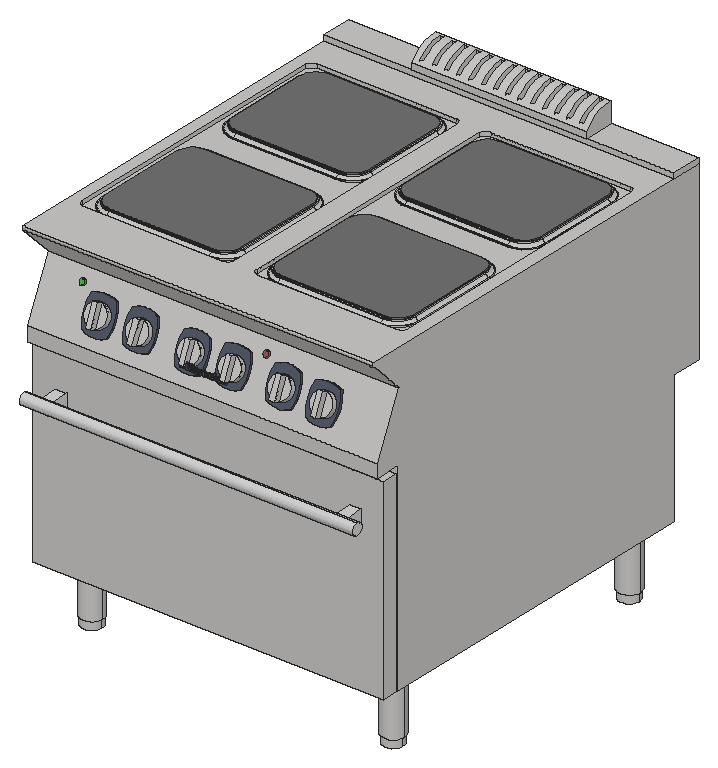
Revit family "QF_ELECTROLUXPROFESSIONAL_391184_E9ECMH4QE5", category Specialty Equipment, Revit 2018 (continued)
Automatic sketch dimensions
  plane 1 "BACK" to curve 93 = 6.761 mm
  curve 88 to curve 88 = 55.162 mm
  curve 84 to curve 87 = 0 mm
  curve 86 to curve 90 = 0 mm
  curve 80 to curve 83 = 0 mm
  curve 90 to curve 94 = 0 mm
  curve 76 to curve 79 = 0 mm
  curve 94 to curve 98 = 0 mm
  curve 72 to curve 75 = 0 mm
  curve 98 to curve 102 = 0 mm
  curve 68 to curve 68 = 55.162 mm
  curve 102 to curve 106 = 0 mm
  curve 64 to curve 71 = 0 mm
  curve 106 to curve 110 = 0 mm
  curve 110 to curve 116 = 0 mm
  curve 66 to curve 118 = 7.927 mm
  curve 13 to curve 21 = 0 mm  (x2)
  curve 13 to curve 29 = 0 mm  (x2)
  curve 13 to curve 37 = 0 mm  (x2)
  curve 15 to curve 23 = 0 mm  (x2)
  curve 15 to curve 35 = 0 mm  (x2)
  curve 17 to curve 25 = 0 mm  (x2)
  curve 17 to curve 33 = 0 mm
  curve 19 to curve 27 = 0 mm
  curve 19 to curve 31 = 0 mm  (x2)
  curve 19 to curve 43 = 0 mm  (x2)
  curve 33 to curve 41 = 0 mm  (x2)
  curve 35 to curve 39 = 0 mm
  curve 45 to curve 53 = 0 mm
  curve 45 to curve 162 = 0 mm
  curve 47 to curve 55 = 0 mm  (x2)
  curve 47 to curve 158 = 0 mm  (x2)
  curve 47 to curve 164 = 0 mm  (x2)
  curve 49 to curve 57 = 0 mm  (x2)
  curve 49 to curve 156 = 0 mm  (x2)
  curve 49 to curve 166 = 0 mm  (x2)
  curve 51 to curve 59 = 0 mm  (x2)
  curve 59 to curve 154 = 0 mm
  curve 59 to curve 168 = 0 mm
  curve 121 to curve 129 = 0 mm  (x2)
  curve 121 to curve 137 = 0 mm  (x2)
  curve 123 to curve 131 = 0 mm  (x2)
  curve 125 to curve 133 = 0 mm  (x2)
  curve 127 to curve 135 = 0 mm
  curve 131 to curve 143 = 0 mm  (x2)
  curve 133 to curve 141 = 0 mm
  curve 135 to curve 151 = 0 mm  (x2)
  curve 137 to curve 145 = 0 mm
  curve 139 to curve 151 = 0 mm  (x2)
  curve 141 to curve 149 = 0 mm  (x2)
  curve 143 to curve 147 = 0 mm  (x2)
  curve 154 to curve 168 = 0 mm
  curve 160 to curve 162 = 0 mm  (x2)
  curve 169 to curve 184 = 0 mm  (x2)
  curve 171 to curve 198 = 0 mm  (x2)
  curve 173 to curve 189 = 0 mm
  curve 173 to curve 196 = 0 mm  (x2)
  curve 175 to curve 182 = 0 mm
  curve 175 to curve 194 = 0 mm
  curve 178 to curve 187 = 0 mm
  curve 178 to curve 198 = 0 mm  (x2)
  curve 180 to curve 196 = 0 mm  (x2)
  curve 182 to curve 194 = 0 mm
  curve 184 to curve 199 = 0 mm
  curve 185 to curve 199 = 0 mm  (x2)
  curve 187 to curve 198 = 0 mm
  curve 189 to curve 196 = 0 mm
  curve 191 to curve 194 = 0 mm
  plane 5 "FRONT" to curve 218 = 0 mm
  plane 1 "BACK" to curve 120 = 0 mm
  curve 223 to plane 3 "LEFT" = 0 mm
  curve 212 to plane 4 "RIGHT" = 19.875 mm
  curve 207 to plane 10 = 8.115 mm
  curve 207 to plane 4 "RIGHT" = 27.5 mm
  plane 16 to curve 190 = 17.339 mm
  plane 16 to curve 146 = 17.339 mm
  curve 191 to curve 195 = 1.714 mm
  curve 145 to curve 144 = 1.714 mm
  plane 10 to curve 200 = 6.885 mm
  plane 16 to curve 205 = 13.5 mm
  curve 137 to curve 130 = 6.35 mm
  curve 194 to curve 182 = 6.35 mm
  curve 180 to curve 173 = 3 mm
  curve 129 to curve 121 = 3 mm
  plane 16 to curve 218 = 5.2 mm
  plane 5 "FRONT" to curve 221 = 7.049 mm
  curve 221 to plane 16 = 20.2 mm
  curve 147 to plane 16 = 30.725 mm
  curve 173 to plane 16 = 30.725 mm
  curve 145 to plane 16 = 30.725 mm
  curve 175 to plane 16 = 30.725 mm
  plane 12 to curve 120 = 58.15 mm
  curve 145 to curve 120 = 113.275 mm
  curve 179 to plane 10 = 10 mm
  plane 7 "Center Y" to curve 179 = 78.275 mm
  plane 14 to curve 185 = 32 mm
  plane 7 "Center Y" to curve 185 = 78.275 mm
  curve 135 to plane 12 = 32.419 mm
  plane 7 "Center Y" to curve 135 = 78.275 mm
  plane 8 "Center X" to curve 133 = 35.581 mm
  curve 133 to curve 192 = 0 mm
  curve 127 to curve 126 = 37 mm
  curve 171 to curve 171 = 37 mm
  curve 187 to curve 201 = 38.026 mm
  curve 203 to plane 12 = 30.534 mm
  curve 135 to curve 203 = 38.026 mm
  curve 203 to curve 203 = 15 mm
  curve 11 to plane 10 = 8.115 mm
  curve 11 to plane 7 "Center Y" = 25.249 mm
  curve 10 to plane 7 "Center Y" = 25.249 mm
  curve 167 to plane 7 "Center Y" = 30.211 mm
  curve 41 to plane 7 "Center Y" = 30.211 mm
  curve 167 to curve 155 = 1.714 mm
  curve 42 to curve 31 = 1.714 mm
  curve 154 to curve 51 = 6.35 mm
  curve 32 to curve 26 = 6.35 mm
  curve 11 to curve 11 = 15 mm
  curve 10 to plane 12 = 15.534 mm
  curve 10 to curve 10 = 15 mm
  curve 50 to curve 57 = 3 mm
  curve 25 to curve 17 = 3 mm
  curve 157 to plane 10 = 3.65 mm
  curve 11 to curve 157 = 38.026 mm
  curve 161 to plane 8 "Center X" = 37.936 mm
  curve 58 to curve 161 = 37 mm
  curve 10 to curve 30 = 38.026 mm
  plane 8 "Center X" to curve 16 = 38.581 mm
  curve 18 to curve 16 = 37 mm
  curve 119 to plane 15 = 144 mm
  curve 20 to plane 15 = 30.725 mm
  curve 164 to plane 15 = 30.725 mm
  curve 23 to plane 15 = 30.725 mm
  curve 162 to plane 15 = 30.725 mm
  curve 217 to plane 15 = 20.2 mm
  plane 15 to curve 216 = 5.2 mm
  plane 15 to curve 14 = 6.275 mm
  plane 15 to curve 53 = 6.275 mm
  plane 15 to curve 9 = 13.5 mm
  plane 15 to curve 12 = 13.5 mm
  curve 9 to curve 9 = 15 mm
  curve 12 to curve 12 = 15 mm
  plane 3 "LEFT" to curve 214 = 19.875 mm
  plane 12 to curve 119 = 58.15 mm
  curve 9 to plane 12 = 15.534 mm
  curve 37 to plane 12 = 24.355 mm
  curve 12 to plane 10 = 8.115 mm
  plane 5 "FRONT" to curve 214 = 7.049 mm
  plane 5 "FRONT" to curve 213 = 7.049 mm
  curve 213 to curve 218 = 15.802 mm
  curve 222 to curve 215 = 15.802 mm
  curve 212 to curve 212 = 25.4 mm
  curve 223 to plane 18 = 0.314 mm
  curve 7 to plane 7 "Center Y" = 25.249 mm
  curve 7 to curve 6 = 15 mm
  plane 10 to curve 8 = 6.885 mm
  curve 7 to curve 8 = 15 mm
  plane 15 to curve 6 = 13.5 mm
  plane 15 to curve 8 = 13.5 mm
  curve 6 to curve 5 = 15 mm
  curve 5 to plane 10 = 8.115 mm
  curve 7 to plane 10 = 8.115 mm
  curve 7 to plane 12 = 30.534 mm
  curve 5 to plane 12 = 30.534 mm
  curve 6 to plane 12 = 15.534 mm
  Extrusion 1 sketch curve to plane 6 "TOP" = 0 mm
  Extrusion 1 sketch curve to plane 11 = 0 mm
  Extrusion 1 sketch curve to plane 9 "BASE" = 0 mm
  Extrusion 1 sketch curve to plane 1 "BACK" = 0 mm
  Extrusion 1 sketch curve to plane 5 "FRONT" = 6.35 mm
  Extrusion 1 sketch curve to plane 5 "FRONT" = 1.959 mm
  Extrusion 1 sketch curve to plane 5 "FRONT" = 1.799 mm
  Extrusion 1 sketch curve to plane 11 = 55.977 mm
  plane 10 to Extrusion 1 sketch curve = 54.039 mm
  plane 12 to Extrusion 1 sketch curve = 57 mm
  plane 9 "BASE" to Extrusion 1 sketch curve = 300 mm
  Extrusion 1 sketch curve to plane 6 "TOP" = 244.211 mm
  Extrusion 1 sketch curve to Extrusion 1 sketch curve = 5.911 mm
  Extrusion 1 sketch curve to Extrusion 1 sketch curve = 32.253 mm
  Extrusion 1 sketch curve to plane 6 "TOP" = 83.191 mm
  Extrusion 1 sketch curve to plane 6 "TOP" = 9.015 mm
  Extrusion 2 sketch curve to plane 4 "RIGHT" = 27.5 mm
  plane 16 to Extrusion 2 sketch curve = 13.5 mm  (x2)
  plane 10 to Extrusion 2 sketch curve = 6.885 mm  (x2)
  Extrusion 2 sketch curve to plane 10 = 8.115 mm  (x3)
  plane 7 "Center Y" to Extrusion 2 sketch curve = 40.249 mm
  Extrusion 2 sketch curve to plane 12 = 15.534 mm  (x2)
  Extrusion 2 sketch curve to Extrusion 2 sketch curve = 15 mm  (x2)
  Extrusion 2 sketch curve to plane 7 "Center Y" = 25.249 mm
  plane 15 to Extrusion 2 sketch curve = 13.5 mm  (x2)
  plane 5 "FRONT" to Extrusion 3 sketch curve = 0 mm  (x2)
  Extrusion 3 sketch curve to plane 3 "LEFT" = 0 mm
  Extrusion 3 sketch curve to plane 4 "RIGHT" = 0 mm
  plane 1 "BACK" to Extrusion 3 sketch curve = 0 mm
  Extrusion 3 sketch curve to plane 3 "LEFT" = 100.019 mm
  plane 4 "RIGHT" to Extrusion 3 sketch curve = 100.019 mm
  Extrusion 3 sketch curve to plane 1 "BACK" = 100.019 mm
  Extrusion 4 sketch curve to Extrusion 2 = 19.225 mm  (x4)
  Extrusion 4 sketch curve to Extrusion 2 = 16.885 mm  (x3)
  Extrusion 4 sketch curve to Extrusion 4 sketch curve = 40 mm  (x6)
  Extrusion 4 sketch curve to Extrusion 2 = 53.026 mm  (x6)
  Extrusion 4 sketch curve to Extrusion 2 = 13.026 mm  (x4)
  Extrusion 4 sketch curve to Extrusion 2 = 59.225 mm  (x4)
  Extrusion 4 sketch curve to Extrusion 4 sketch curve = 189 mm
  Extrusion 4 sketch curve to Extrusion 4 sketch curve = 0 mm
  Extrusion 4 sketch curve to Extrusion 4 sketch curve = 81.581 mm  (x2)
  Extrusion 4 sketch curve to Extrusion 2 = 56.885 mm
  Sweep 5 sketch curve to Extrusion 4 = 40 mm
  Sweep 5 sketch curve to Sweep 5 sketch curve = 40 mm
  profile plane to Sweep 5 sketch curve = 0 mm
  profile plane to Sweep 5 sketch curve = 6.35 mm
  Sweep 5 sketch curve to Sweep 5 sketch curve = 1.714 mm
  profile plane to Sweep 5 sketch curve = 4.181 mm
  profile plane to Sweep 5 sketch curve = 12.291 mm
  Sweep 5 sketch curve to profile plane = 1.759 mm
  Sweep 5 sketch curve to Sweep 5 sketch curve = 1.891 mm
  Sweep 6 sketch curve to Extrusion 4 = 40 mm  (x2)
  profile plane to Sweep 6 sketch curve = 0 mm
  profile plane to Sweep 6 sketch curve = 6.35 mm
  Sweep 6 sketch curve to Sweep 6 sketch curve = 1.714 mm
  profile plane to Sweep 6 sketch curve = 4.181 mm
  profile plane to Sweep 6 sketch curve = 12.291 mm
  Sweep 6 sketch curve to profile plane = 1.759 mm
  Sweep 6 sketch curve to Sweep 6 sketch curve = 1.891 mm
  Extrusion 7 sketch curve to Extrusion 4 = 40 mm  (x6)
  Extrusion 7 sketch curve to Extrusion 7 sketch curve = 37 mm  (x2)
  Extrusion 1 to Extrusion 8 sketch curve = 29.678 mm
  Extrusion 1 to Extrusion 8 sketch curve = 89.398 mm
  Extrusion 9 sketch curve to Extrusion 9 sketch curve = 0 mm  (x23)
  Extrusion 9 sketch curve to plane 16 = 91.266 mm
  Extrusion 9 sketch curve to plane 15 = 81.734 mm
  plane 7 "Center Y" to Extrusion 9 sketch curve = 55.556 mm
  Extrusion 9 sketch curve to Extrusion 9 sketch curve = 24.732 mm  (x12)
  Extrusion 9 sketch curve to Extrusion 9 sketch curve = 5.786 mm  (x5)
  Extrusion 9 sketch curve to Extrusion 9 sketch curve = 83.428 mm
  Extrusion 9 sketch curve to plane 7 "Center Y" = 38.194 mm
  Extrusion 9 sketch curve to Extrusion 9 sketch curve = 105.928 mm
  Extrusion 9 sketch curve to Extrusion 9 sketch curve = 11.572 mm
  Extrusion 10 sketch curve to plane 7 "Center Y" = 161.537 mm
  Extrusion 10 sketch curve to plane 7 "Center Y" = 44.037 mm
  Extrusion 10 sketch curve to Extrusion 10 sketch curve = 0 mm  (x5)
  plane 7 "Center Y" to Extrusion 10 sketch curve = 49.713 mm
  Extrusion 10 sketch curve to Extrusion 10 sketch curve = 113.75 mm
  Extrusion 10 sketch curve to plane 16 = 85.537 mm
  Extrusion 10 sketch curve to plane 15 = 87.463 mm
  Extrusion 13 sketch curve to Extrusion 1 = 31.119 mm  (x6)
  Extrusion 13 sketch curve to Extrusion 1 = 33.619 mm  (x6)
  Extrusion 13 sketch curve to Extrusion 13 sketch curve = 12.3 mm  (x18)
  Extrusion 13 sketch curve to Extrusion 13 sketch curve = 32.425 mm  (x3)
  Extrusion 13 sketch curve to Extrusion 13 sketch curve = 34.925 mm  (x4)
  Extrusion 13 sketch curve to Extrusion 13 sketch curve = 2.5 mm  (x4)
  Extrusion 13 sketch curve to Extrusion 13 sketch curve = 0 mm
  Extrusion 13 sketch curve to Extrusion 13 sketch curve = 20.02 mm  (x3)
  Extrusion 13 sketch curve to Extrusion 13 sketch curve = 45.146 mm  (x3)
  Extrusion 1 to Extrusion 13 sketch curve = 89.526 mm
  Extrusion 13 sketch curve to Extrusion 13 sketch curve = 25.727 mm  (x3)
  Extrusion 13 sketch curve to Extrusion 13 sketch curve = 25.771 mm
  Extrusion 13 sketch curve to Extrusion 13 sketch curve = 28.531 mm  (x2)
  Extrusion 13 sketch curve to Extrusion 13 sketch curve = 15.703 mm  (x3)
  Extrusion 13 sketch curve to Extrusion 13 sketch curve = 35.707 mm
  Extrusion 13 sketch curve to Extrusion 13 sketch curve = 10.068 mm
  Extrusion 13 sketch curve to Extrusion 13 sketch curve = 5.896 mm
  Extrusion 13 sketch curve to Extrusion 13 sketch curve = 25.683 mm  (x2)
  Extrusion 13 sketch curve to Extrusion 13 sketch curve = 28.575 mm  (x4)
  Extrusion 13 sketch curve to Extrusion 13 sketch curve = 9.98 mm  (x2)
  Extrusion 13 sketch curve to Extrusion 13 sketch curve = 35.795 mm  (x2)
  Extrusion 13 sketch curve to Extrusion 13 sketch curve = 10.803 mm
  plane 1 "BACK" to Extrusion 14 sketch curve = 6.761 mm
  Extrusion 14 sketch curve to plane 15 = 166.749 mm
  Extrusion 14 sketch curve to Extrusion 14 sketch curve = 9.296 mm
  Extrusion 14 sketch curve to Extrusion 14 sketch curve = 55.162 mm
  Extrusion 15 sketch curve to plane 1 "BACK" = 6.761 mm
  plane 16 to Extrusion 15 sketch curve = 166.749 mm
  Extrusion 15 sketch curve to Extrusion 15 sketch curve = 9.296 mm
  Extrusion 15 sketch curve to Extrusion 15 sketch curve = 55.162 mm
  plane 1 "BACK" to Extrusion 16 sketch curve = 6.761 mm
  Extrusion 16 sketch curve to plane 7 "Center Y" = 149.263 mm
  Extrusion 16 sketch curve to Extrusion 16 sketch curve = 9.296 mm
  Extrusion 16 sketch curve to Extrusion 16 sketch curve = 55.162 mm
  plane 1 "BACK" to Extrusion 17 sketch curve = 6.761 mm
  Extrusion 17 sketch curve to plane 7 "Center Y" = 121.275 mm
  Extrusion 17 sketch curve to Extrusion 17 sketch curve = 9.296 mm
  Extrusion 17 sketch curve to Extrusion 17 sketch curve = 55.162 mm
  plane 1 "BACK" to Extrusion 18 sketch curve = 6.761 mm
  Extrusion 18 sketch curve to plane 7 "Center Y" = 93.311 mm
  Extrusion 18 sketch curve to Extrusion 18 sketch curve = 9.296 mm
  Extrusion 18 sketch curve to Extrusion 18 sketch curve = 55.162 mm
  plane 1 "BACK" to Extrusion 19 sketch curve = 6.761 mm
  Extrusion 19 sketch curve to plane 7 "Center Y" = 65.323 mm
  Extrusion 19 sketch curve to Extrusion 19 sketch curve = 9.296 mm
  Extrusion 19 sketch curve to Extrusion 19 sketch curve = 55.162 mm
  plane 1 "BACK" to Extrusion 20 sketch curve = 6.761 mm
  Extrusion 20 sketch curve to plane 7 "Center Y" = 37.335 mm
  Extrusion 20 sketch curve to Extrusion 20 sketch curve = 9.296 mm
  Extrusion 20 sketch curve to Extrusion 20 sketch curve = 55.162 mm
  Extrusion 21 sketch curve to plane 7 "Center Y" = 9.346 mm
  Extrusion 21 sketch curve to Extrusion 21 sketch curve = 9.296 mm
  plane 1 "BACK" to Extrusion 21 sketch curve = 6.761 mm
  Extrusion 21 sketch curve to Extrusion 21 sketch curve = 55.162 mm
  plane 1 "BACK" to Extrusion 22 sketch curve = 6.761 mm
  plane 7 "Center Y" to Extrusion 22 sketch curve = 18.642 mm
  Extrusion 22 sketch curve to Extrusion 22 sketch curve = 9.296 mm
  Extrusion 22 sketch curve to Extrusion 22 sketch curve = 55.162 mm
  plane 1 "BACK" to Extrusion 23 sketch curve = 6.761 mm
  plane 7 "Center Y" to Extrusion 23 sketch curve = 46.63 mm
  Extrusion 23 sketch curve to Extrusion 23 sketch curve = 9.296 mm
  Extrusion 23 sketch curve to Extrusion 23 sketch curve = 55.162 mm
  plane 1 "BACK" to Extrusion 24 sketch curve = 6.761 mm
  plane 7 "Center Y" to Extrusion 24 sketch curve = 74.619 mm
  Extrusion 24 sketch curve to Extrusion 24 sketch curve = 9.296 mm
  Extrusion 24 sketch curve to Extrusion 24 sketch curve = 55.162 mm
  plane 1 "BACK" to Extrusion 25 sketch curve = 6.761 mm
  plane 7 "Center Y" to Extrusion 25 sketch curve = 102.582 mm
  Extrusion 25 sketch curve to Extrusion 25 sketch curve = 9.296 mm
  Extrusion 25 sketch curve to Extrusion 25 sketch curve = 55.162 mm
  plane 1 "BACK" to Extrusion 26 sketch curve = 6.761 mm
  plane 7 "Center Y" to Extrusion 26 sketch curve = 130.57 mm
  Extrusion 26 sketch curve to Extrusion 26 sketch curve = 9.296 mm
  Extrusion 26 sketch curve to Extrusion 26 sketch curve = 55.162 mm
  plane 1 "BACK" to Extrusion 27 sketch curve = 6.761 mm
  plane 7 "Center Y" to Extrusion 27 sketch curve = 158.559 mm
  Extrusion 27 sketch curve to Extrusion 27 sketch curve = 9.296 mm
  Extrusion 27 sketch curve to Extrusion 27 sketch curve = 55.162 mm
  Sweep 28 sketch curve to Extrusion 4 = 40 mm
  Sweep 28 sketch curve to Sweep 28 sketch curve = 40 mm
  profile plane to Sweep 28 sketch curve = 0 mm
  Sweep 28 sketch curve to profile plane = 6.35 mm
  Sweep 28 sketch curve to Sweep 28 sketch curve = 1.714 mm
  profile plane to Sweep 28 sketch curve = 4.181 mm
  Sweep 28 sketch curve to profile plane = 12.291 mm
  Sweep 28 sketch curve to profile plane = 1.759 mm
  Sweep 28 sketch curve to Sweep 28 sketch curve = 1.891 mm
  Sweep 29 sketch curve to Extrusion 4 = 40 mm  (x2)
  profile plane to Sweep 29 sketch curve = 0 mm
  Sweep 29 sketch curve to profile plane = 6.35 mm
  Sweep 29 sketch curve to Sweep 29 sketch curve = 1.714 mm
  profile plane to Sweep 29 sketch curve = 4.181 mm
  Sweep 29 sketch curve to profile plane = 12.291 mm
  Sweep 29 sketch curve to profile plane = 1.759 mm
  Sweep 29 sketch curve to Sweep 29 sketch curve = 1.891 mm
  Extrusion 1 to Extrusion 30 sketch curve = 0 mm
  Extrusion 30 sketch curve to Extrusion 1 = 0 mm  (x2)
  Extrusion 1 to Extrusion 30 sketch curve = 16.989 mm
  Revolve 31 sketch curve to plane 9 "BASE" = 0 mm  (x2)
  Revolve 31 sketch curve to level = 0 mm
  Revolve 31 sketch curve to plane 16 = 0 mm  (x2)
  Revolve 31 sketch curve to plane 16 = 22.9 mm
  Revolve 31 sketch curve to Revolve 31 sketch curve = 2.5 mm
  level to Revolve 31 sketch curve = 19.05 mm
  plane 9 "BASE" to Revolve 31 sketch curve = 20 mm
  Revolve 32 sketch curve to plane 9 "BASE" = 0 mm  (x2)
  Revolve 32 sketch curve to level = 0 mm
  plane 15 to Revolve 32 sketch curve = 0 mm  (x2)
  plane 15 to Revolve 32 sketch curve = 22.9 mm
  Revolve 32 sketch curve to Revolve 32 sketch curve = 2.5 mm
  level to Revolve 32 sketch curve = 19.05 mm
  plane 9 "BASE" to Revolve 32 sketch curve = 20 mm
  Revolve 33 sketch curve to plane 9 "BASE" = 0 mm  (x2)
  Revolve 33 sketch curve to level = 0 mm
  Revolve 33 sketch curve to plane 16 = 0 mm  (x2)
  Revolve 33 sketch curve to plane 16 = 22.9 mm
  Revolve 33 sketch curve to Revolve 33 sketch curve = 2.5 mm
  level to Revolve 33 sketch curve = 19.05 mm
  plane 9 "BASE" to Revolve 33 sketch curve = 20 mm
  Revolve 34 sketch curve to plane 9 "BASE" = 0 mm  (x2)
  Revolve 34 sketch curve to level = 0 mm
  plane 15 to Revolve 34 sketch curve = 0 mm  (x2)
  plane 15 to Revolve 34 sketch curve = 22.9 mm
  Revolve 34 sketch curve to Revolve 34 sketch curve = 2.5 mm
  level to Revolve 34 sketch curve = 19.05 mm
  plane 9 "BASE" to Revolve 34 sketch curve = 20 mm
  Extrusion 35 sketch curve to plane 1 "BACK" = 0 mm
  plane 1 "BACK" to Extrusion 35 sketch curve = 1.769 mm
  plane 6 "TOP" to Extrusion 35 sketch curve = 25.4 mm
  plane 12 to Extrusion 35 sketch curve = 58.15 mm
  plane 6 "TOP" to Extrusion 35 sketch curve = 11.923 mm
  Extrusion 35 sketch curve to plane 6 "TOP" = 27.335 mm
  Extrusion 36 sketch curve to Extrusion 30 = 0 mm
  Extrusion 30 to Extrusion 36 sketch curve = 0 mm  (x2)
  Extrusion 36 sketch curve to Extrusion 30 = 17.597 mm
  Extrusion 36 sketch curve to Extrusion 30 = 48.034 mm
  Extrusion 37 sketch curve to plane 11 = 15.129 mm
  Extrusion 37 sketch curve to plane 6 "TOP" = 357.058 mm
  plane 5 "FRONT" to Extrusion 37 sketch curve = 17.679 mm
  Extrusion 37 sketch curve to Extrusion 37 sketch curve = 3.343 mm
  Extrusion 37 sketch curve to Extrusion 37 sketch curve = 2.066 mm
  Extrusion 37 sketch curve to Extrusion 37 sketch curve = 0 mm  (x2)
  Extrusion 37 sketch curve to Extrusion 37 sketch curve = 1.593 mm
  Extrusion 37 sketch curve to Extrusion 37 sketch curve = 5.756 mm
  Extrusion 37 sketch curve to Extrusion 37 sketch curve = 4.906 mm
  Extrusion 37 sketch curve to Extrusion 37 sketch curve = 5.312 mm
  plane 5 "FRONT" to Extrusion 37 sketch curve = 8.549 mm
  Extrusion 37 sketch curve to Extrusion 37 sketch curve = 11.3 mm
  Extrusion 37 sketch curve to Extrusion 37 sketch curve = 28.009 mm
  plane 5 "FRONT" to Extrusion 37 sketch curve = 11.379 mm
  plane 5 "FRONT" to Extrusion 38 sketch curve = 19.749 mm
  Extrusion 38 sketch curve to plane 6 "TOP" = 337.741 mm
  Extrusion 39 sketch curve to plane 11 = 15.129 mm
  Extrusion 39 sketch curve to plane 6 "TOP" = 357.058 mm
  plane 5 "FRONT" to Extrusion 39 sketch curve = 17.679 mm
  Extrusion 39 sketch curve to Extrusion 39 sketch curve = 3.343 mm
  Extrusion 39 sketch curve to Extrusion 39 sketch curve = 2.066 mm
  Extrusion 39 sketch curve to Extrusion 39 sketch curve = 0 mm  (x2)
  Extrusion 39 sketch curve to Extrusion 39 sketch curve = 1.593 mm
  Extrusion 39 sketch curve to Extrusion 39 sketch curve = 5.756 mm
  Extrusion 39 sketch curve to Extrusion 39 sketch curve = 4.906 mm
  Extrusion 39 sketch curve to Extrusion 39 sketch curve = 5.312 mm
  plane 5 "FRONT" to Extrusion 39 sketch curve = 8.549 mm
  Extrusion 39 sketch curve to Extrusion 39 sketch curve = 11.3 mm
  Extrusion 39 sketch curve to Extrusion 39 sketch curve = 28.009 mm
  Extrusion 39 sketch curve to Extrusion 39 sketch curve = 11.2 mm
  Extrusion 40 sketch curve to Extrusion 1 = 0 mm  (x2)
  Extrusion 1 to Extrusion 40 sketch curve = 1.15 mm
  Extrusion 1 to Extrusion 40 sketch curve = 11.923 mm
  Extrusion 1 to Extrusion 41 sketch curve = 29.678 mm
  Extrusion 1 to Extrusion 41 sketch curve = 290.602 mm
  curve 223 to plane 4 "RIGHT" = 0 mm
  plane 5 "FRONT" to curve 61 = 0 mm
  plane 5 "FRONT" to curve 208 = 0 mm
  plane 5 "FRONT" to curve 220 = 0 mm
  plane 5 "FRONT" to curve 217 = 0 mm
  plane 5 "FRONT" to curve 215 = 0 mm
  plane 7 "Center Y" to Extrusion 42 sketch curve = 20.825 mm
  Extrusion 42 sketch curve to plane 6 "TOP" = 177.349 mm
  Extrusion 42 sketch curve to plane 7 "Center Y" = 14.274 mm
  Extrusion 42 sketch curve to Extrusion 42 sketch curve = 5.041 mm
  plane 7 "Center Y" to Extrusion 42 sketch curve = 5.502 mm
  Extrusion 42 sketch curve to Extrusion 42 sketch curve = 5.06 mm
  Extrusion 42 sketch curve to Extrusion 42 sketch curve = 0 mm  (x28)
  Extrusion 42 sketch curve to Extrusion 42 sketch curve = 5.108 mm  (x2)
  Extrusion 42 sketch curve to Extrusion 42 sketch curve = 0.054 mm
  Extrusion 42 sketch curve to Extrusion 42 sketch curve = 0.218 mm
  Extrusion 42 sketch curve to Extrusion 42 sketch curve = 0.195 mm
  Extrusion 42 sketch curve to Extrusion 42 sketch curve = 0.249 mm
  Extrusion 42 sketch curve to Extrusion 42 sketch curve = 0.316 mm
  Extrusion 42 sketch curve to Extrusion 42 sketch curve = 0.087 mm
  Extrusion 42 sketch curve to Extrusion 42 sketch curve = 0.358 mm
  Extrusion 42 sketch curve to Extrusion 42 sketch curve = 0.481 mm
  Extrusion 42 sketch curve to Extrusion 42 sketch curve = 0.597 mm
  Extrusion 42 sketch curve to Extrusion 42 sketch curve = 0.544 mm
  Extrusion 42 sketch curve to Extrusion 42 sketch curve = 0.936 mm
  Extrusion 42 sketch curve to Extrusion 42 sketch curve = 0.594 mm
  Extrusion 42 sketch curve to Extrusion 42 sketch curve = 0.343 mm
  Extrusion 42 sketch curve to Extrusion 42 sketch curve = 0.159 mm
  Extrusion 42 sketch curve to Extrusion 42 sketch curve = 0.826 mm
  Extrusion 42 sketch curve to Extrusion 42 sketch curve = 0.839 mm
  Extrusion 42 sketch curve to Extrusion 42 sketch curve = 0.852 mm
  Extrusion 42 sketch curve to Extrusion 42 sketch curve = 0.887 mm
  Extrusion 42 sketch curve to Extrusion 42 sketch curve = 0.928 mm
  Extrusion 42 sketch curve to Extrusion 42 sketch curve = 0.938 mm
  Extrusion 42 sketch curve to Extrusion 42 sketch curve = 0.444 mm
  Extrusion 42 sketch curve to Extrusion 42 sketch curve = 1.11 mm  (x3)
  plane 7 "Center Y" to Extrusion 42 sketch curve = 43.259 mm
  Extrusion 42 sketch curve to Extrusion 42 sketch curve = 0.215 mm
  Extrusion 42 sketch curve to plane 7 "Center Y" = 0.135 mm
  Extrusion 42 sketch curve to Extrusion 42 sketch curve = 1.43 mm
  Extrusion 42 sketch curve to Extrusion 42 sketch curve = 1.188 mm
  Extrusion 42 sketch curve to Extrusion 42 sketch curve = 1.21 mm  (x2)
  Extrusion 42 sketch curve to Extrusion 42 sketch curve = 0.503 mm
  plane 7 "Center Y" to Extrusion 42 sketch curve = 48.528 mm
  Extrusion 42 sketch curve to Extrusion 42 sketch curve = 0.488 mm
  plane 7 "Center Y" to Extrusion 42 sketch curve = 52.455 mm
  Extrusion 42 sketch curve to Extrusion 42 sketch curve = 0.462 mm
  Extrusion 42 sketch curve to Extrusion 42 sketch curve = 1.386 mm
  Extrusion 42 sketch curve to Extrusion 42 sketch curve = 1.742 mm
  Extrusion 42 sketch curve to Extrusion 42 sketch curve = 0.821 mm
  Extrusion 42 sketch curve to Extrusion 42 sketch curve = 0.497 mm
  Extrusion 42 sketch curve to Extrusion 42 sketch curve = 0.539 mm
  Extrusion 42 sketch curve to Extrusion 42 sketch curve = 0.686 mm
  Extrusion 42 sketch curve to plane 7 "Center Y" = 0.509 mm
  Extrusion 42 sketch curve to Extrusion 42 sketch curve = 0.408 mm
  Extrusion 42 sketch curve to Extrusion 42 sketch curve = 0.743 mm
  Extrusion 42 sketch curve to Extrusion 42 sketch curve = 1.16 mm
  Extrusion 42 sketch curve to Extrusion 42 sketch curve = 0.329 mm
  Extrusion 42 sketch curve to Extrusion 42 sketch curve = 1.054 mm
  Extrusion 42 sketch curve to Extrusion 42 sketch curve = 1.056 mm
  Extrusion 42 sketch curve to Extrusion 42 sketch curve = 0.129 mm
  Extrusion 42 sketch curve to Extrusion 42 sketch curve = 0.489 mm
  Extrusion 42 sketch curve to Extrusion 42 sketch curve = 0.441 mm
  Extrusion 42 sketch curve to Extrusion 42 sketch curve = 1.151 mm
  Extrusion 42 sketch curve to Extrusion 42 sketch curve = 1.141 mm  (x2)
  Extrusion 42 sketch curve to Extrusion 42 sketch curve = 0.768 mm
  Extrusion 42 sketch curve to Extrusion 42 sketch curve = 1.653 mm
  Extrusion 42 sketch curve to Extrusion 42 sketch curve = 0.499 mm
  Extrusion 42 sketch curve to Extrusion 42 sketch curve = 0.964 mm
  Extrusion 42 sketch curve to Extrusion 42 sketch curve = 0.949 mm
  Extrusion 42 sketch curve to Extrusion 42 sketch curve = 1.345 mm  (x3)
  Extrusion 42 sketch curve to Extrusion 42 sketch curve = 1.101 mm
  Extrusion 42 sketch curve to Extrusion 42 sketch curve = 0.432 mm
  Extrusion 42 sketch curve to Extrusion 42 sketch curve = 1.142 mm
  Extrusion 42 sketch curve to Extrusion 42 sketch curve = 0.959 mm
  Extrusion 42 sketch curve to Extrusion 42 sketch curve = 0.176 mm
  Extrusion 42 sketch curve to Extrusion 42 sketch curve = 0.728 mm
  Extrusion 42 sketch curve to Extrusion 42 sketch curve = 3.375 mm  (x2)
  Extrusion 42 sketch curve to Extrusion 42 sketch curve = 0.541 mm
  Extrusion 42 sketch curve to Extrusion 42 sketch curve = 0.955 mm
  Extrusion 42 sketch curve to Extrusion 42 sketch curve = 1.251 mm
  Extrusion 42 sketch curve to Extrusion 42 sketch curve = 0.572 mm
  plane 7 "Center Y" to Extrusion 42 sketch curve = 47.152 mm
  Extrusion 42 sketch curve to Extrusion 42 sketch curve = 1.92 mm
  Extrusion 42 sketch curve to Extrusion 42 sketch curve = 1.224 mm
  Extrusion 42 sketch curve to Extrusion 42 sketch curve = 0.745 mm
  Extrusion 42 sketch curve to Extrusion 42 sketch curve = 0.036 mm
  Extrusion 42 sketch curve to Extrusion 42 sketch curve = 0.896 mm  (x3)
  Extrusion 42 sketch curve to Extrusion 42 sketch curve = 2.607 mm
  Extrusion 42 sketch curve to Extrusion 42 sketch curve = 0.066 mm
  Extrusion 42 sketch curve to Extrusion 42 sketch curve = 0.248 mm
  Extrusion 42 sketch curve to Extrusion 42 sketch curve = 0.449 mm
  plane 7 "Center Y" to Extrusion 42 sketch curve = 46.371 mm
  Extrusion 42 sketch curve to Extrusion 42 sketch curve = 1.052 mm
  Extrusion 42 sketch curve to Extrusion 42 sketch curve = 1.863 mm
  Extrusion 42 sketch curve to Extrusion 42 sketch curve = 1.31 mm  (x2)
  Extrusion 42 sketch curve to Extrusion 42 sketch curve = 0.901 mm
  Extrusion 42 sketch curve to Extrusion 42 sketch curve = 1.107 mm
  Extrusion 42 sketch curve to Extrusion 42 sketch curve = 2.122 mm
  Extrusion 42 sketch curve to Extrusion 42 sketch curve = 2.101 mm
  Extrusion 42 sketch curve to Extrusion 42 sketch curve = 0.106 mm
  Extrusion 42 sketch curve to Extrusion 42 sketch curve = 0.029 mm
  plane 7 "Center Y" to Extrusion 42 sketch curve = 49.174 mm
  Extrusion 42 sketch curve to Extrusion 42 sketch curve = 2.09 mm
  Extrusion 42 sketch curve to Extrusion 42 sketch curve = 1.279 mm
  Extrusion 42 sketch curve to Extrusion 42 sketch curve = 2.008 mm
  Extrusion 42 sketch curve to Extrusion 42 sketch curve = 0.738 mm
  Extrusion 42 sketch curve to Extrusion 42 sketch curve = 0.382 mm
  Extrusion 42 sketch curve to Extrusion 42 sketch curve = 0.384 mm
  Extrusion 42 sketch curve to Extrusion 42 sketch curve = 0.002 mm
  Extrusion 42 sketch curve to Extrusion 42 sketch curve = 0.561 mm
  Extrusion 42 sketch curve to Extrusion 42 sketch curve = 0.592 mm
  Extrusion 42 sketch curve to Extrusion 42 sketch curve = 2.692 mm
  Extrusion 42 sketch curve to Extrusion 42 sketch curve = 1.259 mm
  plane 7 "Center Y" to Extrusion 42 sketch curve = 48.391 mm
  Extrusion 42 sketch curve to Extrusion 42 sketch curve = 0.802 mm
  Extrusion 42 sketch curve to Extrusion 42 sketch curve = 1.024 mm  (x2)
  Extrusion 42 sketch curve to Extrusion 42 sketch curve = 0.682 mm
  Extrusion 42 sketch curve to Extrusion 42 sketch curve = 5.934 mm
  Extrusion 42 sketch curve to Extrusion 42 sketch curve = 2.186 mm
  Extrusion 42 sketch curve to Extrusion 42 sketch curve = 0.337 mm
  Extrusion 42 sketch curve to Extrusion 42 sketch curve = 0.021 mm
  Extrusion 42 sketch curve to Extrusion 42 sketch curve = 1.005 mm
  Extrusion 42 sketch curve to Extrusion 42 sketch curve = 0.552 mm
  Extrusion 42 sketch curve to Extrusion 42 sketch curve = 0.778 mm
  Extrusion 42 sketch curve to Extrusion 42 sketch curve = 0.063 mm
  Extrusion 42 sketch curve to Extrusion 42 sketch curve = 1.023 mm
  Extrusion 42 sketch curve to Extrusion 42 sketch curve = 3.804 mm
  Extrusion 42 sketch curve to Extrusion 42 sketch curve = 0.486 mm
  Extrusion 42 sketch curve to Extrusion 42 sketch curve = 0.266 mm
  Extrusion 42 sketch curve to plane 7 "Center Y" = 1.254 mm
  Extrusion 42 sketch curve to Extrusion 42 sketch curve = 1.547 mm
  Extrusion 42 sketch curve to Extrusion 42 sketch curve = 0.717 mm  (x2)
  Extrusion 42 sketch curve to Extrusion 42 sketch curve = 1.667 mm
  plane 7 "Center Y" to Extrusion 42 sketch curve = 44.065 mm
  Extrusion 42 sketch curve to Extrusion 42 sketch curve = 3.174 mm
  Extrusion 42 sketch curve to plane 7 "Center Y" = 0.099 mm
  Extrusion 42 sketch curve to Extrusion 42 sketch curve = 0.388 mm
  Extrusion 42 sketch curve to Extrusion 42 sketch curve = 1.342 mm
  plane 7 "Center Y" to Extrusion 42 sketch curve = 49.668 mm
  Extrusion 42 sketch curve to Extrusion 42 sketch curve = 1.521 mm
  plane 7 "Center Y" to Extrusion 42 sketch curve = 51.227 mm
  Extrusion 42 sketch curve to Extrusion 42 sketch curve = 0.124 mm
  plane 7 "Center Y" to Extrusion 42 sketch curve = 0.172 mm
  Extrusion 42 sketch curve to Extrusion 42 sketch curve = 0.291 mm
  plane 7 "Center Y" to Extrusion 42 sketch curve = 6.818 mm
  Extrusion 42 sketch curve to Extrusion 42 sketch curve = 1.049 mm  (x2)
  plane 7 "Center Y" to Extrusion 42 sketch curve = 47.201 mm
  Extrusion 42 sketch curve to Extrusion 42 sketch curve = 1.7 mm
  Extrusion 42 sketch curve to Extrusion 42 sketch curve = 0.894 mm
  Extrusion 42 sketch curve to Extrusion 42 sketch curve = 0.989 mm
  Extrusion 42 sketch curve to Extrusion 42 sketch curve = 1.168 mm
  Extrusion 42 sketch curve to Extrusion 42 sketch curve = 1.594 mm
  Extrusion 42 sketch curve to Extrusion 42 sketch curve = 0.731 mm
  Extrusion 42 sketch curve to Extrusion 42 sketch curve = 1.566 mm
  Extrusion 42 sketch curve to Extrusion 42 sketch curve = 0.064 mm
  plane 7 "Center Y" to Extrusion 42 sketch curve = 7.375 mm
  Extrusion 42 sketch curve to Extrusion 42 sketch curve = 0.556 mm
  Extrusion 42 sketch curve to Extrusion 42 sketch curve = 0.48 mm
  Extrusion 42 sketch curve to Extrusion 42 sketch curve = 1.018 mm
  plane 7 "Center Y" to Extrusion 42 sketch curve = 36.962 mm
  Extrusion 42 sketch curve to Extrusion 42 sketch curve = 0.787 mm
  Extrusion 42 sketch curve to Extrusion 42 sketch curve = 0.618 mm
  plane 7 "Center Y" to Extrusion 42 sketch curve = 42.019 mm
  Extrusion 42 sketch curve to Extrusion 42 sketch curve = 1.672 mm
  plane 7 "Center Y" to Extrusion 42 sketch curve = 52.969 mm
  Extrusion 42 sketch curve to Extrusion 42 sketch curve = 1.361 mm
  Extrusion 42 sketch curve to Extrusion 42 sketch curve = 0.822 mm
  Extrusion 42 sketch curve to Extrusion 42 sketch curve = 0.069 mm
  Extrusion 42 sketch curve to Extrusion 42 sketch curve = 1.88 mm
  plane 7 "Center Y" to Extrusion 42 sketch curve = 34.802 mm
  Extrusion 42 sketch curve to Extrusion 42 sketch curve = 0.42 mm
  Extrusion 42 sketch curve to Extrusion 42 sketch curve = 0.062 mm
  Extrusion 42 sketch curve to Extrusion 42 sketch curve = 1.355 mm
  Extrusion 42 sketch curve to Extrusion 42 sketch curve = 2.34 mm
  Extrusion 42 sketch curve to Extrusion 42 sketch curve = 0.493 mm
  Extrusion 42 sketch curve to Extrusion 42 sketch curve = 0.136 mm
  Extrusion 42 sketch curve to Extrusion 42 sketch curve = 0.128 mm
  Extrusion 42 sketch curve to Extrusion 42 sketch curve = 3.616 mm
  Extrusion 42 sketch curve to Extrusion 42 sketch curve = 4.207 mm
  Extrusion 42 sketch curve to Extrusion 42 sketch curve = 0.183 mm
  Extrusion 42 sketch curve to Extrusion 42 sketch curve = 0.895 mm
  Extrusion 42 sketch curve to Extrusion 42 sketch curve = 1.314 mm
  Extrusion 42 sketch curve to Extrusion 42 sketch curve = 3.231 mm
  Extrusion 42 sketch curve to plane 7 "Center Y" = 23.993 mm
  Extrusion 42 sketch curve to Extrusion 42 sketch curve = 1.299 mm
  Extrusion 42 sketch curve to Extrusion 42 sketch curve = 1.214 mm
  plane 7 "Center Y" to Extrusion 42 sketch curve = 25.902 mm
  Extrusion 42 sketch curve to Extrusion 42 sketch curve = 1.264 mm
  Extrusion 42 sketch curve to Extrusion 42 sketch curve = 0.109 mm
  Extrusion 42 sketch curve to Extrusion 42 sketch curve = 0.357 mm
  Extrusion 42 sketch curve to Extrusion 42 sketch curve = 0.565 mm
  Extrusion 42 sketch curve to Extrusion 42 sketch curve = 2.504 mm
  Extrusion 42 sketch curve to Extrusion 42 sketch curve = 2.459 mm
  Extrusion 42 sketch curve to Extrusion 42 sketch curve = 0.983 mm
  Extrusion 42 sketch curve to Extrusion 42 sketch curve = 0.422 mm  (x2)
  Extrusion 42 sketch curve to Extrusion 42 sketch curve = 1.268 mm
  Extrusion 42 sketch curve to Extrusion 42 sketch curve = 0.671 mm
  Extrusion 42 sketch curve to Extrusion 42 sketch curve = 1.634 mm
  Extrusion 42 sketch curve to Extrusion 42 sketch curve = 0.132 mm
  Extrusion 42 sketch curve to Extrusion 42 sketch curve = 0.586 mm
  Extrusion 42 sketch curve to Extrusion 42 sketch curve = 1.241 mm
  Extrusion 42 sketch curve to Extrusion 42 sketch curve = 1.689 mm
  Extrusion 42 sketch curve to Extrusion 42 sketch curve = 0.627 mm
  Extrusion 42 sketch curve to Extrusion 42 sketch curve = 0.419 mm
  Extrusion 42 sketch curve to Extrusion 42 sketch curve = 1.514 mm
  Extrusion 42 sketch curve to Extrusion 42 sketch curve = 1.019 mm
  Extrusion 42 sketch curve to Extrusion 42 sketch curve = 0.065 mm
  Extrusion 42 sketch curve to Extrusion 42 sketch curve = 1.215 mm
  Extrusion 42 sketch curve to Extrusion 42 sketch curve = 1.122 mm
  Extrusion 42 sketch curve to Extrusion 42 sketch curve = 1.153 mm
  Extrusion 42 sketch curve to Extrusion 42 sketch curve = 1.223 mm
  Extrusion 42 sketch curve to Extrusion 42 sketch curve = 0.934 mm
  Extrusion 42 sketch curve to Extrusion 42 sketch curve = 3.376 mm
  Extrusion 42 sketch curve to Extrusion 42 sketch curve = 0.222 mm
  Extrusion 42 sketch curve to Extrusion 42 sketch curve = 1.383 mm
  Extrusion 42 sketch curve to Extrusion 42 sketch curve = 1.556 mm
  Extrusion 42 sketch curve to Extrusion 42 sketch curve = 2.559 mm
  Extrusion 42 sketch curve to Extrusion 42 sketch curve = 2.51 mm
  Extrusion 42 sketch curve to Extrusion 42 sketch curve = 0.131 mm
  Extrusion 42 sketch curve to Extrusion 42 sketch curve = 1.134 mm
  Extrusion 42 sketch curve to Extrusion 42 sketch curve = 0.094 mm
  Extrusion 42 sketch curve to Extrusion 42 sketch curve = 1.584 mm
  Extrusion 42 sketch curve to Extrusion 42 sketch curve = 0.916 mm
  Extrusion 42 sketch curve to Extrusion 42 sketch curve = 0.352 mm
  Extrusion 42 sketch curve to Extrusion 42 sketch curve = 0.458 mm
  Extrusion 42 sketch curve to Extrusion 42 sketch curve = 1.282 mm
  Extrusion 42 sketch curve to Extrusion 42 sketch curve = 1.363 mm
  Extrusion 42 sketch curve to Extrusion 42 sketch curve = 0.685 mm
  Extrusion 42 sketch curve to Extrusion 42 sketch curve = 0.905 mm
  Extrusion 42 sketch curve to Extrusion 42 sketch curve = 1.477 mm
  Extrusion 42 sketch curve to Extrusion 42 sketch curve = 0.472 mm
  Extrusion 42 sketch curve to Extrusion 42 sketch curve = 0.101 mm
  Extrusion 42 sketch curve to Extrusion 42 sketch curve = 0.54 mm
  Extrusion 42 sketch curve to Extrusion 42 sketch curve = 0.02 mm
  Extrusion 42 sketch curve to Extrusion 42 sketch curve = 0.829 mm
  Extrusion 42 sketch curve to Extrusion 42 sketch curve = 0.582 mm
  Extrusion 42 sketch curve to Extrusion 42 sketch curve = 0.166 mm
  Extrusion 42 sketch curve to Extrusion 42 sketch curve = 0.16 mm
  Extrusion 42 sketch curve to Extrusion 42 sketch curve = 1.118 mm
  Extrusion 42 sketch curve to Extrusion 42 sketch curve = 0.613 mm
  Extrusion 42 sketch curve to Extrusion 42 sketch curve = 0.781 mm
  Extrusion 42 sketch curve to Extrusion 42 sketch curve = 0.361 mm
  Extrusion 42 sketch curve to Extrusion 42 sketch curve = 0.897 mm
  Extrusion 42 sketch curve to Extrusion 42 sketch curve = 0.167 mm
  Extrusion 42 sketch curve to Extrusion 42 sketch curve = 0.292 mm
  Extrusion 42 sketch curve to Extrusion 42 sketch curve = 0.305 mm
  Extrusion 42 sketch curve to Extrusion 42 sketch curve = 1.557 mm
  Extrusion 42 sketch curve to Extrusion 42 sketch curve = 2.499 mm
  Extrusion 42 sketch curve to Extrusion 42 sketch curve = 3.062 mm
  Extrusion 42 sketch curve to Extrusion 42 sketch curve = 2.968 mm
  Extrusion 42 sketch curve to Extrusion 42 sketch curve = 5.044 mm
  Extrusion 42 sketch curve to Extrusion 42 sketch curve = 0.629 mm  (x2)
  Extrusion 42 sketch curve to Extrusion 42 sketch curve = 1.131 mm
  Extrusion 42 sketch curve to Extrusion 42 sketch curve = 0.137 mm
  Extrusion 42 sketch curve to Extrusion 42 sketch curve = 0.027 mm
  Extrusion 42 sketch curve to Extrusion 42 sketch curve = 2.046 mm
  Extrusion 42 sketch curve to Extrusion 42 sketch curve = 2.235 mm
  radius of Sweep 5 sketch curve to Extrusion 4 = 0 mm  (x2)
  radius of Sweep 6 sketch curve to Extrusion 4 = 0 mm  (x2)
  radius of Extrusion 7 sketch curve to Extrusion 4 = 3 mm  (x8)
  radius of Extrusion 8 sketch curve = 6.35 mm
  radius of Extrusion 10 sketch curve = 25.4 mm  (x6)
  radius of Extrusion 11 sketch curve = 12.7 mm
  radius of Extrusion 12 sketch curve = 12.7 mm
  radius of Sweep 28 sketch curve to Extrusion 4 = 0 mm  (x2)
  radius of Sweep 29 sketch curve to Extrusion 4 = 0 mm  (x2)
  radius of Extrusion 38 sketch curve = 12.7 mm
  radius of Extrusion 41 sketch curve = 6.35 mm
Connectors
  electrical at (753, -713, 137.3)
    settings: on Extrusion 11, index 1, voltage 400 V, apparent load 22000 VA, apparent load phase1 0 VA, apparent load phase2 0 VA, apparent load phase3 0 VA, power factor 1, load classification "Other", number of poles 1, system type 30, power factor state 1, is connector primary yes, connector utility no, sub classification motor no, connector description "ELECTRICAL CONNECTION"
